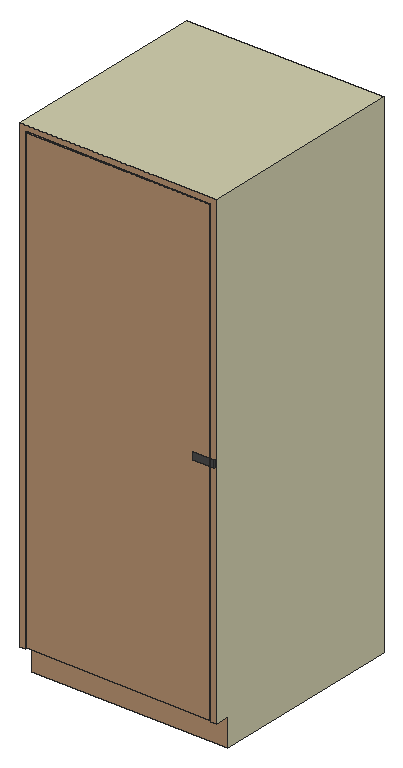
Revit family "Cabinet_Wenger_UltraStor_30", category Furniture, Revit 2015
Parameters (values of type "UltraStor Cabinet #30 - Comp Wood Doors")
  URL = "https://www.wengercorp.com/"
  Type Comments = ""
  Specification = "http://www.arcat.com/sdspecs/htm04/12_35_83wen.htm"
  Shelf Thickness = 0' - 1 1/8"
  Sales Information = "https://www.wengercorp.com/contact-us.php"
  Revision = "R1_2018-04"
  Rear Panel Thickness = 0' - 0 3/4"
  Product Data = "http://www.arcat.com/arcatcos/cos36/arc36487.html"
  Manufacturer Website = "https://www.wengercorp.com/"
  Manufacturer Phone - Toll Free = "800-4WENGER"
  Manufacturer Phone = "(507) 455-4100"
  Manufacturer Fax = "(507) 455-4258"
  Manufacturer Address = "555 Park Dr., Owatonna, MN 55060"
  Keynote = "12 35 83"
  HasDoors = yes
  Green Building-LEED = "http://www.arcat.com/green/clients/leed_data_36487.html"
  Drawn By = "Sumex Design, Inc. / Robert S. Weygant, CSI, CDT, SCIP"
  Door Width = (Cabinet Width - 0' 3") / 3  # 0' - 8.16667"
  Door Style = Door_FullHt : Solid Door
  Door Material [instance] = Wenger Cherry (Use Cherry Edge Band Only)
  Door Height = (Cabinet Height - 0' 4 3/4") / 5  # 1' - 1"
  Toe Kick Material [instance] = Wenger Cherry (Use Cherry Edge Band Only)
  RH End Panel [instance] = no
  Model = "#30"
  Manufacturer = "Wenger Corporation"
  LH End Panel [instance] = no
  End Panel Material [instance] = Wenger Cherry (Use Cherry Edge Band Only)
  Edge Banding Material [instance] = Wenger Cherry (Use Cherry Edge Band Only)
  Cost = 0
  Copyright = "© 2018 Arcat Inc."
  Construction Details = "http://www.arcat.com/details/wengerco/wengerco.html?coid=36487"
  Body Material [instance] = Wenger - Oyster
  Description = "Wenger UltraStor Cabinet #30 - Comp Wood Doors"
  Cabinet Width = 2' - 3 1/2"
  Cabinet Height = 5' - 9 3/4"
  Installed Depth = 2' - 5 1/4"
  Cabinet Panel Thickness = 0' - 0 3/4"
  Assembly Code = "E2010200"
Types (14): name | Rear Panel Thickness | HasDoors | Door Width | Door Style | Door Material | Model | Description | Cabinet Width | Installed Depth
  Acoustic Cabinet #30 - No Doors | 0' - 3 1/4" | no | 0' - 8.16667" | Door_FullHt : Solid Door | none | "#30A" | "Wenger Acoustic Cabinet #30 - No Doors" | 2' - 3 1/2" | 2' - 7 3/4"
  Narrow Acoustic Cabinet #30 - No Doors | 0' - 3 1/4" | no | 0' - 6.16667" | Door_FullHt : Solid Door | none | "#30NA" | "Wenger Narrow Acoustic Cabinet #30 - No Doors" | 1' - 9 1/2" | 2' - 7 3/4"
  Narrow Acoustic Cabinet #30 - Comp Grille Doors | 0' - 3 1/4" | yes | 0' - 6.16667" | Door_FullHt : Bars | Painted Black | "#30NA" | "Wenger Narrow Acoustic Cabinet #30 - Comp Grille Doors" | 1' - 9 1/2" | 2' - 7 3/4"
  Acoustic Cabinet #30 - Comp Grille Doors | 0' - 3 1/4" | yes | 0' - 8.16667" | Door_FullHt : Bars | Painted Black | "#30A" | "Wenger Acoustic Cabinet #30 - Comp Grille Doors" | 2' - 3 1/2" | 2' - 7 3/4"
  Narrow Acoustic Cabinet #30 - Comp Waterfall Grille Doors | 0' - 3 1/4" | yes | 0' - 6.16667" | Door_FullHt : Waterfall | Painted Black | "#30NA" | "Wenger Narrow Acoustic Cabinet #30 - Comp Waterfall Grille Doors" | 1' - 9 1/2" | 2' - 7 3/4"
  Acoustic Cabinet #30 - Comp Waterfall Grille Doors | 0' - 3 1/4" | yes | 0' - 8.16667" | Door_FullHt : Waterfall | Painted Black | "#30A" | "Wenger Acoustic Cabinet #30 - Comp Waterfall Grille Doors" | 2' - 3 1/2" | 2' - 7 3/4"
  UltraStor Cabinet #30 - No Doors | 0' - 0 3/4" | no | 0' - 8.16667" | Door_FullHt : Solid Door | none | "#30" | "Wenger UltraStor Cabinet #30 - No Doors" | 2' - 3 1/2" | 2' - 5 1/4"
  Narrow UltraStor Cabinet #30 - Comp Wood Doors | 0' - 0 3/4" | yes | 0' - 6.16667" | Door_FullHt : Solid Door | Wenger Cherry (Use Cherry Edge Band Only) | "#30N" | "Wenger Narrow Cabinet #30 - Comp Wood Doors" | 1' - 9 1/2" | 2' - 5 1/4"
  Narrow UltraStor Cabinet #30 - Comp Waterfall Grille Doors | 0' - 0 3/4" | yes | 0' - 6.16667" | Door_FullHt : Waterfall | Painted Black | "#30N" | "Wenger Narrow Cabinet #30 - Comp Waterfall Grille Doors" | 1' - 9 1/2" | 2' - 5 1/4"
  Narrow UltraStor Cabinet #30 - No Doors | 0' - 0 3/4" | no | 0' - 6.16667" | Door_FullHt : Solid Door | none | "#30N" | "Wenger Narrow Cabinet #30 - No Doors" | 1' - 9 1/2" | 2' - 5 1/4"
  UltraStor Cabinet #30 - Comp Grille Doors | 0' - 0 3/4" | yes | 0' - 8.16667" | Door_FullHt : Bars | Painted Black | "#30" | "Wenger UltraStor Cabinet #30 - Comp Grille Doors" | 2' - 3 1/2" | 2' - 5 1/4"
  UltraStor Cabinet #30 - Comp Waterfall Grille Doors | 0' - 0 3/4" | yes | 0' - 8.16667" | Door_FullHt : Waterfall | Painted Black | "#30" | "Wenger UltraStor Cabinet #30 - Comp Waterfall Grille Doors" | 2' - 3 1/2" | 2' - 5 1/4"
  Narrow UltraStor Cabinet #30 - Comp Grille Doors | 0' - 0 3/4" | yes | 0' - 6.16667" | Door_FullHt : Bars | Painted Black | "#30N" | "Wenger Narrow Cabinet #30 - Comp Grille Doors" | 1' - 9 1/2" | 2' - 5 1/4"
  UltraStor Cabinet #30 - Comp Wood Doors | 0' - 0 3/4" | yes | 0' - 8.16667" | Door_FullHt : Solid Door | Wenger Cherry (Use Cherry Edge Band Only) | "#30" | "Wenger UltraStor Cabinet #30 - Comp Wood Doors" | 2' - 3 1/2" | 2' - 5 1/4"
Reference planes (in)
  plane 1 "Front": y = 0
  plane 2: z = 0
  plane 3 "Left": x = 0
  plane 4 "Right": x = 27.5
  plane 5 "Back": y = 29.25
  plane 6 "Top": z = 69.75
  plane 7: z = 4
  plane 8: x = 0.75
  plane 9: x = 26.75
  plane 10: z = 69
  plane 11: x = 8.91667
  plane 12: x = 9.66667
  plane 13: x = 17.83333
  plane 14: x = 18.58333
  plane 15: y = 28.5
  plane 16: y = 2
  plane 17: y = 0.75
  plane 18: z = 5.125
Forms (in)
  Extrusion 1, solid, material "Wenger - Oyster" <- "Body Material"
    sketch origin (0, 0, 0) x (0, 1, 0) y (0, 0, 1)
      loop
        line (0, 69.75) -> (0, 4) -> (2, 4) -> (2, 0) -> (29.25, 0) -> (29.25, 69.75) -> (0, 69.75)
    from 0 to 27.5
  Extrusion 2, void
    sketch origin (0, 0, 0) x (0, 1, 0) y (0, 0, 1)
      loop
        line (-5.5, 69) -> (-5.5, 4) -> (0.75, 4)
        arc (0.75, 4) -> (1.15915, 4.80234) -> (2, 5.125) r 1.25694
        line (2, 5.125) -> (28.5, 5.125) -> (28.5, 69) -> (-5.5, 69)
    from 0.75 to 26.75
  Extrusion 3, void
    sketch origin (0, 0, 0) x (0, 1, 0) y (0, 0, 1)
      loop
        line (0, 69) -> (0, 4) -> (0.0625, 4) -> (0.0625, 69) -> (0, 69)
    from 0.75 to 26.75
Cuts and joins
  Extrusion 2, Extrusion 3 cuts Extrusion 1
Lines and regions (in)
  Masking region 1
    outline origin (0, 0, 0) x (1, 0, 0) y (0, 1, 0)
      loop
        line (0, 29.25) -> (0, 0) -> (27.5, 0) -> (27.5, 29.25) -> (0, 29.25)
Dimensions and locks (in)
  "Cabinet Panel Thickness": plane 3 "Left" to plane 8
  "Cabinet Panel Thickness": plane 9 to plane 4 "Right"
  "Cabinet Panel Thickness": plane 5 "Back" to plane 15
  locked: plane 1 "Front" to plane 17 at 0.75
  locked: plane 1 "Front" to plane 16 at 2
  "Cabinet Panel Thickness": plane 6 "Top" to plane 10
  "Shelf Thickness": plane 18 to plane 7
  "Cabinet Width": plane 3 "Left" to plane 4 "Right"
  locked: plane 7 to level at 4
  "Cabinet Height": plane 6 "Top" to level
  "Installed Depth": plane 1 "Front" to plane 5 "Back"
  "Door Width": plane 11 to plane 8
  "Door Width": plane 13 to plane 12
  "Door Width": plane 9 to plane 14
  plane 3 "Left" to plane 4 "Right" = 2' - 3 1/2"
  locked: plane 14 to plane 13 at 0.75
  equal spacing: plane 12, nested 2, plane 13
  equal spacing: plane 5 "Back", nested 2, plane 1 "Front"
  aligned and locked: Extrusion 1 sketch curve to plane 6 "Top"
  aligned and locked: Extrusion 1 sketch curve to plane 5 "Back"
  aligned and locked: Extrusion 1 sketch curve to plane 1 "Front"
  aligned and locked: Extrusion 1 sketch curve to plane 7
  aligned and locked: Extrusion 1 sketch curve to plane 16
  aligned and locked: Extrusion 1 sketch curve to level
  aligned and locked: Extrusion 1 to plane 4 "Right"
  aligned and locked: Extrusion 1 to plane 3 "Left"
  aligned and locked: Extrusion 2 sketch curve to plane 10
  aligned and locked: Extrusion 2 sketch curve to plane 18
  aligned and locked: Extrusion 2 to plane 8
  aligned and locked: Extrusion 3 sketch curve to cut or joined group of Extrusion 1, Extrusion 2, Extrusion 3  (x3)
  aligned and locked: Extrusion 3 to plane 9
  aligned and locked: Extrusion 3 to plane 8
  aligned and locked: nested 3 to plane 8
  aligned and locked: plane 7 to cut or joined group of Extrusion 1, Extrusion 2, Extrusion 3
  aligned and locked: nested 3 to plane 7
  aligned and locked: plane 17 to Extrusion 2 sketch curve
  aligned and locked: plane 1 "Front" to nested 4
  aligned and locked: nested 4 to level
  aligned and locked: nested 4 to plane 4 "Right"
  aligned and locked: Masking region 1 sketch curve to plane 5 "Back"
  aligned and locked: Masking region 1 sketch curve to plane 1 "Front"
  aligned and locked: plane 3 "Left" to Masking region 1 sketch curve
  aligned and locked: plane 4 "Right" to Masking region 1 sketch curve
  aligned and locked: plane 10 to nested 3
  aligned and locked: cut or joined group of Extrusion 1, Extrusion 2, Extrusion 3 to plane 9
  aligned and locked: nested 3 to plane 9
Automatic sketch dimensions
  plane 17 to Extrusion 3 sketch curve = 0' - 0 11/16"
  Extrusion 2 sketch curve to plane 7 = 0' - 0"
  Extrusion 2 sketch curve to plane 16 = 0' - 0"
  Extrusion 2 sketch curve to plane 15 = 0' - 0"
  plane 1 "Front" to Extrusion 2 sketch curve = 0' - 5 1/2"
Nested families (in)
  nested 1: "End Panel" at (0, 14.25, 0) x (0, -1, 0) z (0, 0, 1), End Panel Material <- "End Panel Material", visible <- "LH End Panel", Edge Banding Material <- "Edge Banding Material", type "End Panel"
    with End Panel Material Wenger Cherry (Use Cherry Edge Band Only), Edge Banding Material Wenger Cherry (Use Cherry Edge Band Only), End Panel Height 5' - 9 3/4", End Panel Depth 2' - 5 1/4"
  nested 2: "Labels" at (13.75, 14.625, 0), type "Labels"
  nested 3: "Door_FullHt" at (13.75, 0, 4) x (1, 0, 0) z (0, -1, 0), type <- "Door Style", visible <- "HasDoors", type "Solid Door", detail levels medium+fine
    with vBars 24, Width 2' - 2", ToeKick Height 0' - 4", MidBar no, Height 5' - 5", HalfHt 2' - 8 1/4", BarHt 5' - 4 1/2", 2HzBars no
  nested 4: "End Panel" at (28.25, 14.25, 0) x (0, -1, 0) z (0, 0, 1), End Panel Material <- "End Panel Material", Edge Banding Material <- "Edge Banding Material", visible <- "RH End Panel", type "End Panel"
    with End Panel Material Wenger Cherry (Use Cherry Edge Band Only), Edge Banding Material Wenger Cherry (Use Cherry Edge Band Only), End Panel Height 5' - 9 3/4", End Panel Depth 2' - 5 1/4"
Definition of nested family "End Panel"
  Parameters (values of type "End Panel")
    End Panel Material [instance] = none
    End Panel Height = 7' - 1 5/8"
    End Panel Depth = 1' - 9 3/4"
    Edge Banding Material [instance] = none
    Default Elevation = 4' - 0"
    Assembly Code = ""
  Reference planes (in)
    plane 1 "Center (Front/Back)": y = 0
    plane 2: z = 0
    plane 3 "Center (Left/Right)": x = 0
    plane 4: x = -15
    plane 5: x = 6.75
    plane 6: z = 4
    plane 7: x = 4.75
    plane 8: z = 85.625
    plane 9: y = -0.75
  Forms (in)
    Extrusion 1, solid, material <- "End Panel Material"
      sketch origin (0, 0, 0) x (1, 0, 0) y (0, 0, 1)
        loop
          line (-15, 85.625) -> (-15, 0) -> (4.75, 0) -> (4.75, 4) -> (6.75, 4) -> (6.75, 85.625) -> (-15, 85.625)
      from 0 to 0.75
  Lines and regions (in)
    Masking region 1, detail levels coarse+medium
      outline origin (0, 0, 0) x (1, 0, 0) y (0, 1, 0)
        loop
          line (-15, 0) -> (-15, -0.75) -> (6.75, -0.75) -> (6.75, 0) -> (-15, 0)
  Dimensions and locks (in)
    locked: plane 7 to plane 5 at 2
    locked: plane 6 to level at 4
    "End Panel Height": plane 8 to level
    "End Panel Depth": plane 5 to plane 4
    locked: plane 9 to plane 1 "Center (Front/Back)" at 0.75
    aligned and locked: plane 4 to Extrusion 1 sketch curve
    aligned and locked: level to Extrusion 1 sketch curve
    aligned and locked: plane 7 to Extrusion 1 sketch curve
    aligned and locked: plane 6 to Extrusion 1 sketch curve
    aligned and locked: Extrusion 1 sketch curve to plane 5
    aligned and locked: Extrusion 1 sketch curve to plane 8
    aligned and locked: Extrusion 1 to plane 9
    aligned and locked: Extrusion 1 to plane 1 "Center (Front/Back)"
    aligned and locked: plane 4 to Masking region 1 sketch curve
    aligned and locked: Masking region 1 sketch curve to plane 5
    aligned and locked: plane 1 "Center (Front/Back)" to Masking region 1 sketch curve
    aligned and locked: plane 9 to Masking region 1 sketch curve
Definition of nested family "Door_FullHt"
  Parameters (values of type "Solid Door")
    vBars [instance] = (Width - 0' 2") / 0' 1"  # 6
    Width [instance] = 0' - 8"
    ToeKick Height [instance] = 0' - 4"
    Thickness = 0' - 0 3/4"
    Solid Door = yes
    Shelf Thickness = 0' - 0 3/4"
    Panel Thickness = 0' - 0 3/4"
    MidBar [instance] = and(Height > 3' 6", HasDoor, not(Solid Door))  # no
    Height [instance] = 1' - 2 5/8"
    HasDoor = yes
    HalfHt [instance] = Height / 2 - 0' 0 1/4"  # 0' - 7 1/16"
    Edge Banding = none
    DoorGap = 0' - 0 1/8"
    Door Finish = none
    Depth = 2' - 0"
    Default Elevation = 4' - 0"
    Bars = no
    BarStyle = Bars : Waterfall
    BarHt [instance] = Height - 0' 0 1/2"  # 1' - 2 1/8"
    2HzBars [instance] = and(Height > 1' 6", not(Solid Door))  # no
  Types (3): name | Thickness | Solid Door | Bars | BarStyle
    Solid Door | 0' - 0 3/4" | yes | no | Bars : Waterfall
    Bars | 0' - 0 1/4" | no | yes | Bars : Straight
    Waterfall | 0' - 0 3/4" | no | yes | Bars : Waterfall
  Reference planes (in)
    plane 1 "Center (Front/Back)": y = 0
    plane 2: z = 0
    plane 3 "Center (Left/Right)": x = 0
    plane 4: x = -4
    plane 5: y = 14.625
    plane 6: x = 4
    plane 7: z = -0.75
    plane 8: x = -3.875
    plane 9: x = 3.875
    plane 10: y = 0.125
    plane 11: y = 14.5
    plane 12: y = -0.75
    plane 13 "CL Elev": y = 7.3125
    plane 14: x = -3.75
    plane 15: x = 3.75
    plane 16 "BtmRail": y = 0.25
    plane 17: y = 14.375
    plane 18: z = -0.125
    plane 19: x = -2.75
    plane 20: x = 2.75
    plane 21: y = 10.96875
    plane 22: y = 3.65625
  Forms (in)
    Extrusion 1, solid, material <- "Door Finish", visible <- "Solid Door", detail levels medium+fine
      sketch origin (0, 0, 0) x (1, 0, 0) y (0, 1, 0)
        loop
          arc (-3.75, 14.5) -> (-3.83839, 14.46339) -> (-3.875, 14.375) r 0.125
          line (-3.875, 14.375) -> (-3.875, 0.25)
          arc (-3.875, 0.25) -> (-3.83839, 0.16161) -> (-3.75, 0.125) r 0.125
          line (-3.75, 0.125) -> (3.75, 0.125)
          arc (3.75, 0.125) -> (3.83839, 0.16161) -> (3.875, 0.25) r 0.125
          line (3.875, 0.25) -> (3.875, 14.375)
          arc (3.875, 14.375) -> (3.83839, 14.46339) -> (3.75, 14.5) r 0.125
          line (3.75, 14.5) -> (-3.75, 14.5)
      from 0 to -0.75
    Sweep 2, solid, material <- "Door Finish", visible <- "Bars", detail levels medium+fine
      path origin (0, 0, 0) x (1, 0, 0) y (0, 1, 0)
        loop
          arc (-3.125, 14.5) -> (-3.65533, 14.28033) -> (-3.875, 13.75) r 0.75
          line (-3.875, 13.75) -> (-3.875, 0.875)
          arc (-3.875, 0.875) -> (-3.65533, 0.34467) -> (-3.125, 0.125) r 0.75
          line (-3.125, 0.125) -> (3.125, 0.125)
          arc (3.125, 0.125) -> (3.65533, 0.34467) -> (3.875, 0.875) r 0.75
          line (3.875, 0.875) -> (3.875, 13.75)
          arc (3.875, 13.75) -> (3.65533, 14.28033) -> (3.125, 14.5) r 0.75
          line (3.125, 14.5) -> (-3.125, 14.5)
      profile origin (0, 14.5, 0) x (0, 1, 0) y (0, 0, 1)
        loop
          circle (-0.125, -0.125) r 0.125
    Extrusion 3, solid, material <- "Door Finish", visible <- "MidBar", detail levels medium+fine
      sketch origin (0, 0, 0) x (0, 1, 0) y (0, 0, 1)
        loop
          circle (7.3125, -0.125) r 0.125
      from -3.75 to 3.75
    Extrusion 4, solid, visible <- "HasDoor", detail levels fine
      sketch origin (0, 0, 0) x (1, 0, 0) y (0, 1, 0)
        loop
          line (1.5, 7.8125) -> (1.5, 6.8125) -> (4.5, 6.8125) -> (4.5, 7.8125) -> (1.5, 7.8125)
      from 0 to 0.125
    Extrusion 5, solid, material <- "Door Finish", visible <- "2HzBars", detail levels medium+fine
      sketch origin (0, 0, 0) x (0, 1, 0) y (0, 0, 1)
        loop
          circle (10.96875, -0.125) r 0.125
        loop
          circle (3.65625, -0.125) r 0.125
      from -3.75 to 3.75
  Lines and regions (in)
    symbolic lines, visible <- "HasDoor", detail levels medium+fine
      curve 1: line (4, 0.25, 0) -> (-4, 0.25, 0)
      curve 2: line (-4, 0.25, 0) -> (-4, 0.25, 8)
      curve 3: arc (4, 0.25, 0) -> (1.65685, 0.25, 5.65685) -> (-4, 0.25, 8) r 8
    symbolic lines, visible <- "HasDoor"
      curve 4: line (3.875, 0.25, 0) -> (3.875, 0.25, -0.75)
      curve 5: line (3.875, 0.25, -0.75) -> (-3.875, 0.25, -0.75)
      curve 6: line (-3.875, 0.25, -0.75) -> (-3.875, 0.25, 0)
    symbolic lines, detail levels medium
      curve 7: line (3.875, 14.5, 0) -> (-3.875, 7.3125, 0)
      curve 8: line (-3.875, 7.3125, 0) -> (3.875, 0.125, 0)
  Dimensions and locks (in)
    "Height": plane 1 "Center (Front/Back)" to plane 5
    "Thickness": level to plane 7
    equal spacing: plane 4, plane 3 "Center (Left/Right)", plane 6
    "Width": plane 4 to plane 6
    "DoorGap": plane 5 to plane 11
    "DoorGap": plane 9 to plane 6
    "DoorGap": plane 4 to plane 8
    "DoorGap": plane 1 "Center (Front/Back)" to plane 10
    "Shelf Thickness": plane 1 "Center (Front/Back)" to plane 12
    equal spacing: plane 1 "Center (Front/Back)", plane 22, plane 13 "CL Elev", plane 21, plane 5
    locked: plane 15 to plane 9 at 0.125
    locked: plane 8 to plane 14 at 0.125
    locked: plane 11 to plane 17 at 0.125
    locked: plane 16 "BtmRail" to plane 10 at 0.125
    locked: level to plane 18 at 0.125
    plane 19 to plane 14 = 0' - 1"
    locked: plane 15 to plane 20 at 1
    Extrusion 4 sketch curve to plane 13 "CL Elev" to Extrusion 4 sketch curve = 0' - 0 1/2" locked, 0' - 0 1/2" locked
    locked: plane 6 to Extrusion 4 sketch curve at 0.5
    locked: Extrusion 4 sketch curve to plane 6 at 2.5
    locked: Extrusion 4 to level at 0.125
    equal spacing: group 1, group 3, group 4, group 5, group 6, group 2  (x3)
    equal spacing: group 7, group 9, group 10, group 11, group 12, group 8  (x2)
    equal spacing: group 8, group 12, group 11, group 10, group 9, group 7
    "Width": radius of curve 3
    aligned and locked: plane 2 to level
    aligned and locked: Extrusion 1 sketch curve to plane 11
    aligned and locked: plane 8 to Extrusion 1 sketch curve
    aligned and locked: Extrusion 1 sketch curve to plane 9
    aligned and locked: plane 10 to Extrusion 1 sketch curve
    aligned and locked: Extrusion 1 to plane 7
    aligned and locked: level to Extrusion 1
    aligned and locked: Sweep 2 sketch curve to plane 11
    aligned and locked: plane 8 to Sweep 2 sketch curve
    aligned and locked: plane 10 to Sweep 2 sketch curve
    aligned and locked: Sweep 2 sketch curve to plane 9
    aligned and locked: plane 15 to Extrusion 3
    aligned and locked: Extrusion 3 to plane 14
    aligned and locked: plane 20 to nested 2
    aligned and locked: plane 19 to nested 1
    aligned and locked: plane 21 to Extrusion 5 sketch curve
    aligned and locked: plane 18 to Extrusion 5 sketch curve  (x2)
    aligned and locked: plane 22 to Extrusion 5 sketch curve
    aligned and locked: Extrusion 5 to Extrusion 3  (x2)
    aligned and locked: plane 4 to curve 3  (x2)
    aligned and locked: level to curve 3
    aligned and locked: plane 7 to curve 5
    aligned and locked: Extrusion 1 to plane 8
    aligned and locked: plane 9 to Extrusion 1
    aligned and locked: plane 10 to curve 8
    aligned and locked: plane 9 to curve 8
    aligned and locked: plane 13 "CL Elev" to curve 8
    aligned and locked: plane 11 to curve 7
    aligned and locked: plane 9 to curve 7
    aligned and locked: plane 19 to nested 7
    aligned and locked: plane 13 "CL Elev" to nested 7
    aligned and locked: plane 20 to nested 8
    aligned and locked: plane 13 "CL Elev" to nested 8
    aligned and locked: plane 18 to nested 7
    aligned and locked: plane 18 to nested 9
  Automatic sketch dimensions
    plane 8 to Sweep 2 sketch curve = 0' - 0 3/4"  (x2)
    Sweep 2 sketch curve to plane 9 = 0' - 0 3/4"
    Sweep 2 sketch curve to Sweep 2 sketch curve = 0' - 0 3/4"
    Sweep 2 sketch curve to level = 0' - 0 1/8"
    profile plane to Sweep 2 sketch curve = 0' - 0 1/8"
    Extrusion 3 sketch curve to level = 0' - 0 1/8"
    Extrusion 3 sketch curve to plane 13 "CL Elev" = 0' - 0"
    curve 8 to plane 8 = 0' - 0"
    Extrusion 1 sketch curve to plane 14 = 0' - 0"  (x2)
    Extrusion 1 sketch curve to plane 15 = 0' - 0"  (x2)
    curve 5 to plane 9 = 0' - 0"
    curve 6 to plane 8 = 0' - 0"
    radius of Sweep 2 sketch curve = 0' - 0 1/8"
    radius of Extrusion 3 sketch curve = 0' - 0 1/8"
    radius of Extrusion 5 sketch curve = 0' - 0 1/8"  (x2)
  Nested families (in)
    nested 1: "Bars" at (-2.75, 0.25, -0.125) x (1, 0, 0) z (0, 1, 0), type <- "BarStyle", visible <- "Bars", type "Waterfall", detail levels fine
    nested 2: "Bars" at (2.75, 0.25, -0.125) x (1, 0, 0) z (0, 1, 0), type <- "BarStyle", visible <- "Bars", type "Waterfall", detail levels fine
    nested 3: "Bars" at (-1.65, 0.25, -0.125) x (1, 0, 0) z (0, 1, 0), type <- "BarStyle", visible <- "Bars", type "Waterfall", detail levels fine
    nested 4: "Bars" at (-0.55, 0.25, -0.125) x (1, 0, 0) z (0, 1, 0), type <- "BarStyle", visible <- "Bars", type "Waterfall", detail levels fine
    nested 5: "Bars" at (0.55, 0.25, -0.125) x (1, 0, 0) z (0, 1, 0), type <- "BarStyle", visible <- "Bars", type "Waterfall", detail levels fine
    nested 6: "Bars" at (1.65, 0.25, -0.125) x (1, 0, 0) z (0, 1, 0), type <- "BarStyle", visible <- "Bars", type "Waterfall", detail levels fine
    nested 7: "Bars" at (-2.75, 7.3125, -0.125) x (1, 0, 0) z (0, 1, 0), type <- "BarStyle", visible <- "Bars", type "Waterfall"
    nested 8: "Bars" at (2.75, 7.3125, -0.125) x (1, 0, 0) z (0, 1, 0), type <- "BarStyle", visible <- "Bars", type "Waterfall"
    nested 9: "Bars" at (-1.65, 7.3125, -0.125) x (1, 0, 0) z (0, 1, 0), type <- "BarStyle", visible <- "Bars", type "Waterfall"
    nested 10: "Bars" at (-0.55, 7.3125, -0.125) x (1, 0, 0) z (0, 1, 0), type <- "BarStyle", visible <- "Bars", type "Waterfall"
    nested 11: "Bars" at (0.55, 7.3125, -0.125) x (1, 0, 0) z (0, 1, 0), type <- "BarStyle", visible <- "Bars", type "Waterfall"
    nested 12: "Bars" at (1.65, 7.3125, -0.125) x (1, 0, 0) z (0, 1, 0), type <- "BarStyle", visible <- "Bars", type "Waterfall"
  Definition of nested family "Bars"
    Parameters (values of type "Straight")
      WaterFall = no
      Straight = yes
      Lateral Deviation = 0' - 1"
      Height = 0' - 7 1/16"
      Default Elevation = 4' - 0"
      Bars = none
    Types (2): name | WaterFall | Straight
      Waterfall | yes | no
      Straight | no | yes
    Reference planes (in)
      plane 1 "Center (Front/Back)": y = 0
      plane 2: z = 0
      plane 3 "Center (Left/Right)": x = 0
      plane 4: z = 7.0625
      plane 5: z = 3.53125
      plane 6: x = 0.5
      plane 7: x = -0.5
      plane 8: z = 5.29687
      plane 9: z = 1.76562
    Forms (in)
      Sweep 1, solid, material <- "Bars", visible <- "WaterFall", detail levels fine
        path origin (0, 0, 0) x (1, 0, 0) y (0, 0, 1)
          loop
            arc (0, 0) -> (0.37259, 0.8481) -> (0.5, 1.76563) r 3.36743
            arc (0.5, 1.76563) -> (0.37259, 2.68315) -> (0, 3.53125) r 3.36743
        profile origin (0.37259, 0, 0.8481) x (-0.962164, 0, 0.272471) y (0, -1, 0)
          loop
            circle (0, 0) r 0.0625
      Sweep 2, solid, material <- "Bars", visible <- "WaterFall", detail levels fine
        path origin (0, 0, 14.625) x (-1, 0, 0) y (0, 0, -1)
          loop
            arc (0, 7.5625) -> (0.37259, 8.4106) -> (0.5, 9.32812) r 3.36743
            arc (0.5, 9.32812) -> (0.37259, 10.24565) -> (0, 11.09375) r 3.36743
        profile origin (-0.37259, 0, 6.2144) x (0.962164, 0, -0.272471) y (0, -1, 0)
          loop
            circle (0, 0) r 0.0625
      Extrusion 3, solid, material <- "Bars", visible <- "Straight", detail levels fine
        sketch origin (0, 0, 0) x (1, 0, 0) y (0, 1, 0)
          loop
            circle (0, 0) r 0.0625
        from 0 to 7.0625
    Dimensions and locks (in)
      "Height": plane 4 to level
      equal spacing: plane 6, plane 3 "Center (Left/Right)", plane 7
      "Lateral Deviation": plane 6 to plane 7
      equal spacing: plane 4, plane 8, plane 5, plane 9, level
      aligned and locked: plane 2 to level
      aligned and locked: plane 3 "Center (Left/Right)" to Sweep 1 sketch curve  (x2)
      aligned and locked: level to Sweep 1 sketch curve
      aligned and locked: plane 6 to Sweep 1 sketch curve
      aligned and locked: plane 9 to Sweep 1 sketch curve
      aligned and locked: plane 4 to Sweep 2 sketch curve
      aligned and locked: plane 3 "Center (Left/Right)" to Sweep 2 sketch curve  (x2)
      aligned and locked: plane 8 to Sweep 2 sketch curve
      aligned and locked: plane 7 to Sweep 2 sketch curve
      aligned and locked: plane 5 to Sweep 2 sketch curve
      aligned and locked: plane 4 to Extrusion 3
      aligned and locked: Extrusion 3 to level
    Automatic sketch dimensions
      plane 1 "Center (Front/Back)" to Sweep 1 sketch curve = 0' - 0"
      Sweep 1 sketch curve to profile plane = 0' - 0"
      Sweep 1 sketch curve to Sweep 1 sketch curve = 0' - 0"
      Sweep 2 sketch curve to plane 1 "Center (Front/Back)" = 0' - 0"
      Sweep 2 sketch curve to profile plane = 0' - 0"
      plane 1 "Center (Front/Back)" to Extrusion 3 sketch curve = 0' - 0"
      Extrusion 3 sketch curve to plane 3 "Center (Left/Right)" = 0' - 0"
      radius of Sweep 1 sketch curve = 0' - 0 1/16"
      radius of Sweep 2 sketch curve = 0' - 0 1/16"
      radius of Extrusion 3 sketch curve = 0' - 0 1/16"
Definition of nested family "Labels"
  Parameters
    Cabinet Label = "01"
  Reference planes (in)
    plane 1: y = 0
    plane 2: x = 0
  Text (in)
    label "xxxx" at (-0.00018, 0.00754, 0), shows "Cabinet Label"
